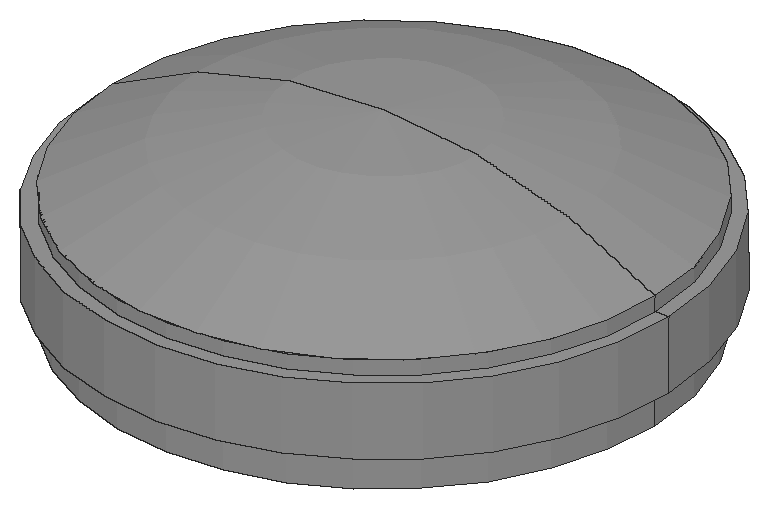
Revit family "3032852 Sylvania_Giotto 335 LED_Surface Mounted", category Lighting Fixtures, host Face, Revit 2017
Family settings
  Host = Face
  Round Connector Dimension = Use Diameter
  Part Type = Normal
  OmniClass Number = 23.80.70.11.17
  OmniClass Title = Specialized Lighting by Location or Use
  Cut with Voids When Loaded = No
  Light Source = Yes
  Shared = No
  Room Calculation Point = No
Parameters (values of type "Giotto335 sur ww DB")
  Diameter = 335.0 mm
  Weight = 1.44 kg  # constant formula
  Wattage = 17.4088 W
  built-in parameter 1150110 = 1 (stored number, unit not read)
  Voltage Comments = "UNV (Universal Voltage; 220-240 Volt)"  # constant formula
  Voltage = 230 V  # constant formula
  URL = "http://www.sylvania-lighting.com"
  built-in parameter 1114217 = 1 (stored number, unit not read)
  Tilt Angle = -90°
  built-in parameter 1150109 = 1 (stored number, unit not read)
  built-in parameter 1150134 = (empty or 0)
  built-in parameter 1150113 = 1 (stored number, unit not read)
  Product Page URL = "http://www.sylvania-lighting.com/product/en-int/products/3032852"
  Product Family = "GIOTTO 335 LED - SURFACE MOUNTED"  # constant formula
  Photometry Comments = ""
  Photometric Web File = "3032852_GiottoLED33525WSurfaceMountedWarmWhiteDB-121664.ies"
  Life = "50 000 h"  # constant formula
  IP Rating = "IP44"  # constant formula
  IK Rating = "IK10"  # constant formula
  Emit from Circle Diameter = Diameter - 16.0 mm  # 319.0 mm
  Emit Shape Visible in Rendering = no
  Electrical Protection = "CLASS II"  # constant formula
  Drive Current = "700 mA"  # constant formula
  Diffuser Material = Polycarbonate_Sylvania_Giotto_Opal
  Height = 110.0 mm
  built-in parameter 1114216 [instance] = 1 (stored number, unit not read)
  Model = "Giotto335 sur ww DB"
  Manufacturer = "Feilo Sylvania"
  built-in parameter 1150105 = 420.31 (stored number, unit not read)
  Lumens = 1384 lm
  built-in parameter 1150115 = 1 (stored number, unit not read)
  built-in parameter 1150137 = (empty or 0)
  built-in parameter 1150139 = (empty or 0)
  built-in parameter 1150112 = 1 (stored number, unit not read)
  built-in parameter 1150114 = 1 (stored number, unit not read)
  Lamp Comments = "Integrated LED"  # constant formula
  Lamp = "19W"
  built-in parameter 1150132 = 2
  built-in parameter 1150102 = (empty or 0)
  built-in parameter 1150107 = 3000 (stored number, unit not read)
  built-in parameter 1150138 = (empty or 0)
  built-in parameter 1150106 = 4.2031 (stored number, unit not read)
  Body Material = Polycarbonate_Sylvania_Giotto_White
  built-in parameter 1150104 = 7.3858 (stored number, unit not read)
  Dimming Lamp Color Temperature Shift = <None>
  Description = "Surface or recessed mount versions available. Ideal for general lighting in public areas. Microwave presence detection versions. 3 hour emergency light versions with integrated gear. Up to 1200lm neutral white"  # constant formula
  Default Elevation = 0.0 mm
  Color Filter = 16777215
  Catalog Number = "3032852 Giotto335 sur ww DB"
  built-in parameter 1140040 [instance] = 1
  built-in parameter 1114218 = 1 (stored number, unit not read)
  built-in parameter 1150133 = 10 (stored number, unit not read)
  Assembly Code = "D5020200"
  Apparent Load Comments = ""
  Apparent Load = 19 VA
Reference planes
  plane 1 "Center (Front/Back)": y = 0
  plane 2: z = 0
  plane 3 "Center (Left/Right)": x = 0
  plane 4 "Fixture Left": x = -167.5
  plane 5 "Fixture Right": x = 167.5
  plane 6 "Fixture Top": z = 110
  plane 7 "Difuser Left": x = -159.5
  plane 8 "Difuser Right": x = 159.5
  plane 9 "Brace Top": z = 60
  plane 10 "Brace Bottom": z = 20
Forms (mm)
  Revolve 1, solid, material "Polycarbonate_Sylvania_Giotto_White" <- "Body Material", detail levels fine
    sketch origin (0, 0, 0) x (1, 0, 0) y (0, 0, 1)
      loop
        line (0, 0) -> (0, 60) -> (-167.5, 60) -> (-167.5, 20) -> (-159.5, 20) -> (-159.5, 0) -> (0, 0)
      axis (0, 60) -> (0, 0)
    angle from 0 to 360
  Revolve 2, solid, material "Polycarbonate_Sylvania_Giotto_Opal" <- "Diffuser Material", detail levels fine
    sketch origin (0, 0, 0) x (1, 0, 0) y (0, 0, 1)
      loop
        line (-159.5, 68) -> (-159.5, 60) -> (0, 60) -> (0, 110)
        arc (0, 110) -> (-82.697, 100.193) -> (-159.5, 68) r 299.575
      axis (0, 110) -> (0, 60)
    angle from 0 to 360
  Revolve 3, solid, material "Polycarbonate_Sylvania_Giotto_White" <- "Body Material", detail levels coarse+medium
    sketch origin (0, 0, 0) x (1, 0, 0) y (0, 0, 1)
      loop
        line (-159.5, 68) -> (-159.5, 60) -> (-167.5, 60) -> (-167.5, 20) -> (-159.5, 20) -> (-159.5, 0) -> (0, 0) -> (0, 110)
        arc (0, 110) -> (-82.697, 100.193) -> (-159.5, 68) r 299.575
      axis (0, 110) -> (0, 0)
    angle from 0 to 360
Dimensions and locks
  equal spacing: plane 5 "Fixture Right", plane 3 "Center (Left/Right)", plane 4 "Fixture Left"
  "Diameter": plane 5 "Fixture Right" to plane 4 "Fixture Left"
  "Height": plane 6 "Fixture Top" to plane 2
  locked: plane 7 "Difuser Left" to plane 4 "Fixture Left" at 8
  locked: plane 5 "Fixture Right" to plane 8 "Difuser Right" at 8
  locked: Revolve 2 sketch curve to plane 9 "Brace Top" at 8
  locked: Revolve 3 sketch curve to plane 9 "Brace Top" at 8
  plane 6 "Fixture Top" to plane 9 "Brace Top" to plane 10 "Brace Bottom" = 50.0 mm locked, 40.0 mm locked
  aligned and locked: plane 2 to host face
  aligned and locked: level to host face
  aligned and locked: plane 1 "Center (Front/Back)" to imposter light
  aligned and locked: plane 2 to Revolve 1 sketch curve
  aligned and locked: plane 4 "Fixture Left" to Revolve 1 sketch curve
  aligned and locked: plane 7 "Difuser Left" to Revolve 1 sketch curve
  aligned and locked: plane 10 "Brace Bottom" to Revolve 1 sketch curve
  aligned and locked: Revolve 1 sketch curve to plane 9 "Brace Top"
  aligned and locked: Revolve 1 sketch curve to plane 3 "Center (Left/Right)"  (x2)
  aligned and locked: Revolve 2 sketch curve to plane 7 "Difuser Left"
  aligned and locked: Revolve 2 sketch curve to plane 9 "Brace Top"
  aligned and locked: Revolve 2 sketch curve to plane 3 "Center (Left/Right)"  (x2)
  aligned and locked: plane 6 "Fixture Top" to Revolve 2 sketch curve
  aligned and locked: Revolve 3 sketch curve to plane 3 "Center (Left/Right)"  (x2)
  aligned and locked: Revolve 3 sketch curve to plane 7 "Difuser Left"  (x2)
  aligned and locked: Revolve 3 sketch curve to plane 4 "Fixture Left"
  aligned and locked: Revolve 3 sketch curve to plane 10 "Brace Bottom"
  aligned and locked: Revolve 3 sketch curve to plane 2
  aligned and locked: plane 3 "Center (Left/Right)" to imposter light
  aligned and locked: imposter light to plane 6 "Fixture Top"
Automatic sketch dimensions
  host sketch curve to host sketch curve = 1305.563 mm
  host sketch curve to host sketch curve = 1283.632 mm
  Revolve 1 sketch curve to level = 61.8 mm
  Revolve 1 sketch curve to plane 6 "Fixture Top" = 6.8 mm
  Revolve 2 sketch curve to plane 3 "Center (Left/Right)" = 6.413 mm
  plane 10 "Brace Bottom" to Revolve 2 sketch curve = 9.973 mm
  plane 6 "Fixture Top" to Revolve 2 sketch curve = 84.973 mm
  Revolve 3 sketch curve to plane 9 "Brace Top" = 0.0 mm
  Revolve 3 sketch curve to plane 6 "Fixture Top" = 0.0 mm
  Revolve 3 sketch curve to plane 3 "Center (Left/Right)" = 6.413 mm
  Revolve 3 sketch curve to level = 88.4 mm
  plane 6 "Fixture Top" to Revolve 3 sketch curve = 81.6 mm
Connectors
  electrical at (0, 0, 0), driven by "Voltage", driven by "Apparent Load"
    settings: on Revolve 1, index 1, voltage 230 V, apparent load 0 VA, apparent load phase1 19 VA, apparent load phase2 0 VA, apparent load phase3 0 VA, power factor 1, load classification "Lighting", number of poles 1, system type 31, power factor state 1, is connector primary yes, connector utility no, sub classification motor no, connector description ""
